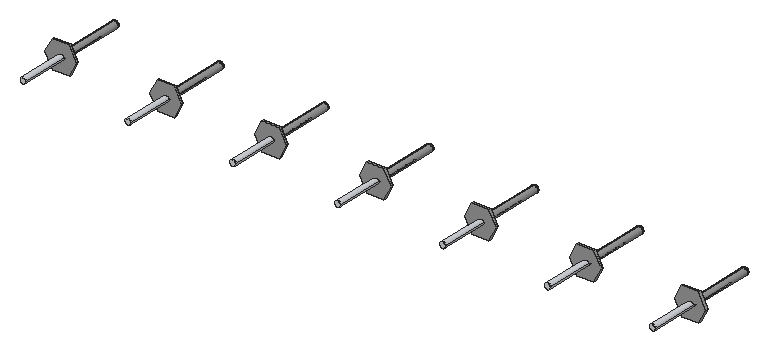
Revit family "Dorn LD - type - Kopi", category Generic Models, Revit 2019
Family settings
  Can host rebar = No
  Round Connector Dimension = Use Diameter
  Part Type = Normal
  Work Plane-Based = Yes
  Always vertical = No
  Cut with Voids When Loaded = No
  Shared = No
  Room Calculation Point = No
Parameters (values of type "16/270 Zn")
  Website Link [instance] = "https://haucon.dk/produkt/dorn-ld/#variations"
  Total Width = 270 mm
  Total Length [instance] = 2440 mm
  Technical Data Sheet [instance] = "https://haucon.dk/wp-content/uploads/2018/02/TA-Dorn-LD-TI-DK.pdf"
  Metal = Steel, Galvanized
  Height Dowel [instance] = 0 mm
  Dowel count [instance] = (Total Length / Distance) - 1  # 7
  Distance from start [instance] = 300 mm
  Distance [instance] = 300 mm
  Diameter = 16 mm
  Default Elevation = 1219.2 mm
Reference planes
  plane 1 "Center (Front/Back)": y = 0
  plane 2: z = 0
  plane 3 "Center (Left/Right)": x = 0
  plane 4: x = 2440
  plane 5: x = 300
  plane 6: x = 600
  plane 7: x = 900
  plane 8: x = 1200
  plane 9: x = 1500
  plane 10: x = 1800
  plane 11: x = 2100
Dimensions and locks
  equal spacing: group 1, group 2, group 3, group 4, group 5, group 6, group 7  (x3)
  "Total Length": plane 3 "Center (Left/Right)" to plane 4
  "Distance from start": plane 3 "Center (Left/Right)" to plane 5
  "Distance": plane 5 to plane 6
  aligned and locked: level to plane 2
Nested families
  nested 1: "Family1" at (273.576, 0, 0), Diameter <- "Diameter", Height Dowel <- "Height Dowel", Total Width <- "Total Width", type "Family1"
    with Total Width 270 mm, Height Dowel 0 mm, Diameter 16 mm
  nested 2: "Family1" at (573.576, 0, 0), Diameter <- "Diameter", Height Dowel <- "Height Dowel", Total Width <- "Total Width", type "Family1"
    with Total Width 270 mm, Height Dowel 0 mm, Diameter 16 mm
  nested 3: "Family1" at (873.576, 0, 0), Diameter <- "Diameter", Height Dowel <- "Height Dowel", Total Width <- "Total Width", type "Family1"
    with Total Width 270 mm, Height Dowel 0 mm, Diameter 16 mm
  nested 4: "Family1" at (1173.576, 0, 0), Diameter <- "Diameter", Height Dowel <- "Height Dowel", Total Width <- "Total Width", type "Family1"
    with Total Width 270 mm, Height Dowel 0 mm, Diameter 16 mm
  nested 5: "Family1" at (1473.576, 0, 0), Diameter <- "Diameter", Height Dowel <- "Height Dowel", Total Width <- "Total Width", type "Family1"
    with Total Width 270 mm, Height Dowel 0 mm, Diameter 16 mm
  nested 6: "Family1" at (1773.576, 0, 0), Diameter <- "Diameter", Height Dowel <- "Height Dowel", Total Width <- "Total Width", type "Family1"
    with Total Width 270 mm, Height Dowel 0 mm, Diameter 16 mm
  nested 7: "Family1" at (2073.576, 0, 0), Diameter <- "Diameter", Height Dowel <- "Height Dowel", Total Width <- "Total Width", type "Family1"
    with Total Width 270 mm, Height Dowel 0 mm, Diameter 16 mm
  nested 8: "Glidehylse_LD_16_Part_P_p_i_t_4031208" at (300, 0, 0) x (0, 1, 0) z (0, 0, 1), type "LD16_Part_P"
    with Elevation Height 0 mm
  nested 9: "Glidehylse_LD_16_Part_P_p_i_t_4031208" at (600, 0, 0) x (0, 1, 0) z (0, 0, 1), type "LD16_Part_P"
    with Elevation Height 0 mm
  nested 10: "Glidehylse_LD_16_Part_P_p_i_t_4031208" at (900, 0, 0) x (0, 1, 0) z (0, 0, 1), type "LD16_Part_P"
    with Elevation Height 0 mm
  nested 11: "Glidehylse_LD_16_Part_P_p_i_t_4031208" at (1200, 0, 0) x (0, 1, 0) z (0, 0, 1), type "LD16_Part_P"
    with Elevation Height 0 mm
  nested 12: "Glidehylse_LD_16_Part_P_p_i_t_4031208" at (1500, 0, 0) x (0, 1, 0) z (0, 0, 1), type "LD16_Part_P"
    with Elevation Height 0 mm
  nested 13: "Glidehylse_LD_16_Part_P_p_i_t_4031208" at (1800, 0, 0) x (0, 1, 0) z (0, 0, 1), type "LD16_Part_P"
    with Elevation Height 0 mm
  nested 14: "Glidehylse_LD_16_Part_P_p_i_t_4031208" at (2100, 0, 0) x (0, 1, 0) z (0, 0, 1), type "LD16_Part_P"
    with Elevation Height 0 mm
Definition of nested family "Family1"
  Parameters (values of type "Family1")
    Total Width [instance] = 320 mm
    Height Dowel [instance] = 100 mm
    Diameter [instance] = 20 mm
    Default Elevation = 1219.2 mm
  Reference planes
    plane 1 "Center (Front/Back)": y = 0
    plane 2: z = 0
    plane 3 "Center (Left/Right)": x = 0
    plane 4: y = 160
    plane 5: y = -160
    plane 6: x = -140
    plane 7: x = 140
    plane 8 "Dowel Height": z = 100
  Forms (mm)
    Extrusion 1, solid
      sketch origin (8.617, 0, 0) x (1, 0, 0) y (0, 0, 1)
        loop
          circle (17.807, 100) r 10
      from -160 to 160
  Dimensions and locks
    plane 6 to plane 7 = 280 mm
    equal spacing: plane 6, plane 3 "Center (Left/Right)", plane 7
    equal spacing: plane 4, plane 1 "Center (Front/Back)", plane 5
    "Total Width": plane 4 to plane 5
    "Height Dowel": plane 8 "Dowel Height" to level
    "Diameter": diameter of Extrusion 1 sketch curve
    aligned and locked: level to plane 2
    aligned and locked: plane 8 "Dowel Height" to Extrusion 1
    aligned and locked: plane 4 to Extrusion 1
    aligned and locked: plane 5 to Extrusion 1
  Automatic sketch dimensions
    Extrusion 1 sketch curve to plane 8 "Dowel Height" = 0 mm
    plane 3 "Center (Left/Right)" to Extrusion 1 sketch curve = 26.424 mm
Definition of nested family "Glidehylse_LD_16_Part_P_p_i_t_4031208"
  Parameters (values of type "LD16_Part_P")
    Website Link = "https://haucon.dk/produkt/dorn-ld/#variations"
    Total Length = 195 mm
    Technical Data Sheet = "https://haucon.dk/wp-content/uploads/2018/02/TA-Dorn-LD-TI-DK.pdf"
    Sleeve Inner Diameter = 17 mm
    Plastic Black = none
    Plastic = none
    Hexagon Height = 5 mm
    Elevation Height = 100 mm
    Default Elevation = 1219.2 mm
    Cap Height = 5 mm
  Types (3, lengths in mm): name | Total Length | Sleeve Inner Diameter
    (no name) | 195 | 17
    LD16_Part_P | 195 | 17
    LD20_Part_P | 220 | 21
  Reference planes
    plane 1 "Center (Front/Back)": y = 0
    plane 2: z = 0
    plane 3 "Center (Left/Right)": x = 0
    plane 4: x = 5
    plane 5: x = 190
    plane 6: x = 195
    plane 7: z = 100
    plane 8: z = 91.5
    plane 9: z = 108.5
  Forms (mm)
    Revolve 1, solid, material <- "Plastic"
      sketch origin (0, 0, 92.286) x (0, 0, -1) y (1, 0, 0)
        loop
          line (-17.714, 5) -> (-16.214, 5) -> (-16.214, 190) -> (-17.714, 190) -> (-17.714, 5)
        axis (-7.714, 190) -> (-7.714, 5)
      angle from 0 to 360
    Revolve 2, solid, material <- "Plastic Black"
      sketch origin (0, 0, 89.786) x (0, 0, -1) y (1, 0, 0)
        loop
          line (-20.214, 190) -> (-18.714, 190) -> (-18.714, 193.5) -> (-10.214, 193.5) -> (-10.214, 195) -> (-18.753, 195)
          arc (-18.753, 195) -> (-19.786, 194.572) -> (-20.214, 193.539) r 1.461
          line (-20.214, 193.539) -> (-20.214, 190)
        axis (-10.214, 195) -> (-10.214, 190)
      angle from 0 to 360
    Extrusion 3, solid, material <- "Plastic"
      sketch origin (0, 0, -50) x (0, 1, 0) y (0, 0, 1)
        loop
          line (44.91, 150) -> (24.313, 190) -> (-24.476, 190) -> (-45.073, 150) -> (-24.476, 110) -> (24.313, 110) -> (44.91, 150)
      from 0 to 5
  Dimensions and locks
    equal spacing: plane 9, plane 7, plane 8
    "Sleeve Inner Diameter": plane 9 to plane 8
    "Cap Height": plane 6 to plane 5
    "Hexagon Height": plane 4 to plane 3 "Center (Left/Right)"
    "Elevation Height": plane 7 to level
    "Total Length": plane 6 to plane 3 "Center (Left/Right)"
    locked: Extrusion 3 sketch curve to Extrusion 3 sketch curve at 80  (x3)
    aligned and locked: level to plane 2
    aligned and locked: Revolve 1 to plane 4
    aligned and locked: plane 9 to Revolve 1 sketch curve
    aligned and locked: plane 7 to Revolve 1 sketch curve
    aligned and locked: Revolve 2 sketch curve to plane 9
    aligned and locked: plane 7 to Revolve 2 sketch curve  (x2)
    aligned and locked: plane 5 to Revolve 2 sketch curve
    aligned and locked: Revolve 2 sketch curve to plane 6
    aligned and locked: Revolve 1 sketch curve to plane 5
    aligned and locked: Extrusion 3 to plane 7
  Automatic sketch dimensions
    Revolve 2 sketch curve to Revolve 2 sketch curve = 0.711 mm
    Revolve 2 sketch curve to Revolve 2 sketch curve = 0.039 mm  (x2)
    Revolve 2 sketch curve to Revolve 2 sketch curve = 1.739 mm
    Revolve 2 sketch curve to Revolve 2 sketch curve = 1.461 mm
    Revolve 1 sketch curve to plane 4 = 0 mm
    Revolve 1 sketch curve to Revolve 1 sketch curve = 1.5 mm
    Revolve 1 sketch curve to plane 5 = 15.148 mm
    Revolve 1 sketch curve to plane 5 = 0.148 mm
    plane 1 "Center (Front/Back)" to Extrusion 3 sketch curve = 24.476 mm  (x2)
    Extrusion 3 sketch curve to plane 7 = 0 mm
    plane 7 to Extrusion 3 sketch curve = 0 mm
    Extrusion 3 sketch curve to Extrusion 3 sketch curve = 20.597 mm
